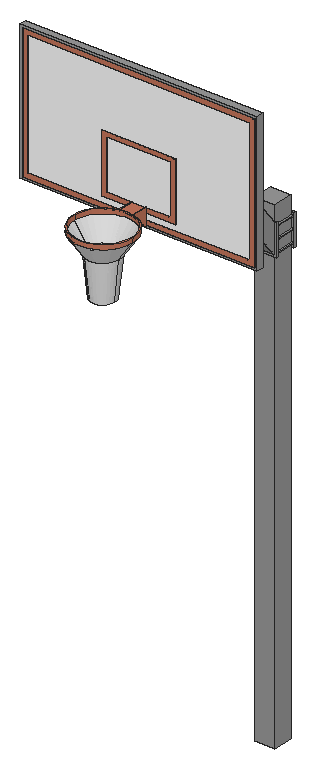
Revit family "Playground-System_Ultimate_Fixed-Height_BA873-74", category Generic Models, Revit 2018
Family settings
  Can host rebar = No
  Round Connector Dimension = Use Diameter
  Part Type = Normal
  OmniClass Number = 23.40.50.34.14
  OmniClass Title = Gymnasium Equipment
  Work Plane-Based = No
  Always vertical = Yes
  Cut with Voids When Loaded = No
  Shared = No
  Room Calculation Point = No
Parameters (values of type "BK873-BK")
  URL = "https://ipibybison.com/"
  Test Data = "http://www.ipibybison.com/ToolBox.php"
  Specification = "https://www.arcat.com/arcatcos/cos49/arc49571.html"
  Sales Information = "http://www.ipibybison.com/DealersPage.php"
  Revision = "R1_2018-09"
  Product Data = "http://www.arcat.com/arcatcos/cos38/arc38554.html"
  Post Height = 8' - 4"
  Post Square Width = 0' - 6"
  Post Material = Steel - Galvanized - Hot Dipped
  Padding = Padding - Black
  Model = "As Specified"
  Manufacturer Website = "http://www.ipibybison.com/"
  Manufacturer Phone - Toll Free = "888-438-5311"
  Manufacturer Phone = "888-438-5311"
  Manufacturer Fax = "888-438-5312"
  Manufacturer Address = "603 L St.   Lincoln, NE 68508"
  Manufacturer = "BRP by bison"
  Keynote = "11 66 00"
  Installation-Fabrication = "http://www.ipibybison.com/InstallersPage.php"
  Hoop Finish = Powder Coat - Playground Orange
  Hoop Elevation = 10' - 0"
  Green Building-LEED = "https://www.arcat.com/green/green_building.shtml"
  Embedding Depth = 4' - 0"
  Drawn By = "Sumex Design, Inc. / Robert S. Weygant, CSI, CDT, SCIP"
  Description = "IPI by Bison Gymnasium Equipment"
  Copyright = "©Arcat Inc."
  Construction Details = "https://www.arcat.com/downloads/38554-brpbis/bim/bison/BRP%20by%20bison"
  Category = ""
  Building Codes = "https://www.brpbybison.com/submittals.html"
  Basket Type = "BA32"
  Basket Netting = Finish - IPI by Bison - White Netting
  Backboard Length = 6' - 0"
  Backboard Height = 3' - 6"
  Backboard Finish = Powder Coat - White
  Backboard BA472PC = no
  Backboard BA42RG = yes
Types (3): name | Basket Type | Backboard Finish | Backboard BA472PC | Backboard BA42RG
  BA874-BK | "BA39U" | Steel - Galvanized - Perforated | yes | no
  BA873U-BK | "BA32" | Powder Coat - White | no | yes
  BK873-BK | "BA32" | Powder Coat - White | no | yes
Reference planes (in)
  plane 1 "Center (Front/Back)": y = 0
  plane 2 "Bottom": z = 0
  plane 3 "Center (Left/Right)": x = 0
  plane 4: x = -3
  plane 5: x = 3
  plane 6 "Back": y = 3
  plane 7: y = -3
  plane 8: y = -51
  plane 9: y = -48.75
  plane 10 "Left": x = -36
  plane 11 "Right": x = 36
  plane 12: z = 114.5
  plane 13: z = 120
  plane 14 "Top": z = 156.5
  plane 15: y = -51.0625
  plane 16: z = 116.75
  plane 17: y = -31.25
  plane 18: y = -33.25
  plane 19: z = -48
  plane 20: z = 100
  plane 21: z = 94.54174
  plane 22: z = 90.80259
  plane 23: z = 87.06343
  plane 24: x = -3.5
  plane 25: x = 3.5
  plane 26: x = -35.25
  plane 27: x = 35.25
  plane 28: z = 155.75
  plane 29: z = 115.25
Forms (in)
  Extrusion 1, solid, material "Steel - Galvanized - Hot Dipped" <- "Post Material"
    sketch origin (0, 0, 0) x (1, 0, 0) y (0, 0, 1)
      loop
        line (-36, 114.5) -> (36, 114.5) -> (36, 156.5) -> (-36, 156.5) -> (-36, 114.5)
      loop
        line (-35.25, 155.75) -> (-35.25, 115.25) -> (35.25, 115.25) -> (35.25, 155.75) -> (-35.25, 155.75)
    from 48.75 to 51
  Extrusion 2, solid, material "Powder Coat - Playground Orange" <- "Hoop Finish", visible <- "Backboard BA42RG"
    sketch origin (0, 0, 0) x (1, 0, 0) y (0, 0, 1)
      loop
        line (-11.25, 118.5) -> (-2.25, 118.5) -> (-2.25, 120) -> (-9.75, 120) -> (-9.75, 135) -> (9.75, 135) -> (9.75, 120) -> (2.25, 120) -> (2.25, 118.5) -> (11.25, 118.5) -> (11.25, 136.5) -> (-11.25, 136.5) -> (-11.25, 118.5)
      loop
        line (-35.25, 115.25) -> (-2.25, 115.25) -> (-2.25, 116.75) -> (-33.75, 116.75) -> (-33.75, 154.25) -> (33.75, 154.25) -> (33.75, 116.75) -> (2.25, 116.75) -> (2.25, 115.25) -> (35.25, 115.25) -> (35.25, 155.75) -> (-35.25, 155.75) -> (-35.25, 115.25)
    from 51 to 51.0625
  Extrusion 3, solid, material "Steel - Galvanized - Hot Dipped" <- "Post Material"
    sketch origin (0, 0, 0) x (0, 1, 0) y (0, 0, 1)
      loop
        line (-48.75, 114.5) -> (-25.24781, 114.5) -> (-28.37601, 118.5) -> (-48.75, 118.5) -> (-48.75, 114.5)
    from -2.25 to 2.25
  Extrusion 4, solid, material "Steel - Galvanized - Hot Dipped" <- "Post Material"
    sketch origin (0, 0, 0) x (1, 0, 0) y (0, 1, 0)
      loop
        line (-3, 3) -> (-3, -3) -> (3, -3) -> (3, 3) -> (-3, 3)
    from -48 to 100
  Extrusion 5, solid, material "Steel - Galvanized - Hot Dipped" <- "Post Material"
    sketch origin (0, 0, 0) x (0, 1, 0) y (0, 0, 1)
      loop
        line (-3, 95) -> (-48.75, 153.5) -> (-48.75, 144.55198) -> (-3, 86.05198) -> (-3, 95)
    from -3 to 3
  Extrusion 6, solid, material "Steel - Galvanized - Hot Dipped" <- "Post Material"
    sketch origin (0, 0, 0) x (0, 1, 0) y (0, 0, 1)
      loop
        line (-3, 95.55319) -> (-3.5, 95.55319) -> (-3.5, 86.05198) -> (-3, 86.05198) -> (-3, 95.55319)
      loop
        line (3, 95.55319) -> (3, 86.05198) -> (3.5, 86.05198) -> (3.5, 95.55319) -> (3, 95.55319)
    from -4 to 4
  Extrusion 7, solid, material "Steel - Galvanized - Hot Dipped" <- "Post Material"
    sketch origin (0, 0, 0) x (1, 0, 0) y (0, 0, 1)
      loop
        circle (-3.5, 94.54174) r 0.25
      loop
        circle (-3.5, 87.06343) r 0.25
      loop
        circle (-3.5, 90.80259) r 0.25
      loop
        circle (3.5, 94.54174) r 0.25
      loop
        circle (3.5, 87.06343) r 0.25
      loop
        circle (3.5, 90.80259) r 0.25
    from -3 to 3
  Extrusion 8, solid, material "Powder Coat - White" <- "Backboard Finish", visible <- "Backboard BA42RG"
    sketch origin (0, 0, 0) x (1, 0, 0) y (0, 0, 1)
      loop
        line (-35.25, 155.75) -> (-35.25, 115.25) -> (35.25, 115.25) -> (35.25, 155.75) -> (-35.25, 155.75)
    from 48.75 to 51
  Extrusion 9, solid, material "Powder Coat - White" <- "Backboard Finish", visible <- "Backboard BA472PC"
    sketch origin (0, 0, 0) x (1, 0, 0) y (0, 0, 1)
      loop
        line (-35.25, 155.75) -> (-35.25, 115.25) -> (-11.25, 115.25) -> (-11.25, 136.5) -> (11.25, 136.5) -> (11.25, 115.25) -> (35.25, 115.25) -> (35.25, 155.75) -> (-35.25, 155.75)
    from 48.75 to 51
  Extrusion 10, solid, material "Steel - Galvanized - Hot Dipped" <- "Post Material", visible <- "Backboard BA472PC"
    sketch origin (0, 0, 0) x (1, 0, 0) y (0, 0, 1)
      loop
        line (-11.25, 136.5) -> (-11.25, 115.25) -> (11.25, 115.25) -> (11.25, 136.5) -> (-11.25, 136.5)
    from 48.75 to 51
Dimensions and locks (in)
  equal spacing: plane 4, plane 3 "Center (Left/Right)", plane 5
  "Post Square Width": plane 4 to plane 5
  equal spacing: plane 6 "Back", plane 1 "Center (Front/Back)", plane 7
  "Post Square Width": plane 6 "Back" to plane 7
  locked: plane 8 to plane 7 at 48
  locked: plane 9 to plane 8 at 2.25
  equal spacing: plane 10 "Left", plane 3 "Center (Left/Right)", plane 11 "Right"
  "Backboard Length": plane 10 "Left" to plane 11 "Right"
  "Hoop Elevation": plane 13 to level
  locked: plane 13 to plane 12 at 5.5
  "Backboard Height": plane 14 "Top" to plane 12
  locked: plane 8 to plane 15 at 0.0625
  locked: plane 16 to plane 12 at 2.25
  locked: plane 17 to plane 18 at 2
  "Embedding Depth": level to plane 19
  "Post Height": plane 20 to level
  plane 20 to Extrusion 5 sketch curve to Extrusion 5 sketch curve = 0' - 5" locked, 0' - 8.94802" locked
  plane 14 "Top" to Extrusion 5 sketch curve to Extrusion 5 sketch curve = 0' - 3" locked, 0' - 8.94802" locked
  locked: plane 7 to Extrusion 6 sketch curve at 0.5
  plane 20 to Extrusion 6 sketch curve = 0' - 4.44681"
  locked: Extrusion 6 sketch curve to Extrusion 6 sketch curve at 9.50121  (x2)
  locked: Extrusion 6 sketch curve to plane 6 "Back" at 0.5
  equal spacing: Extrusion 6, plane 3 "Center (Left/Right)", Extrusion 6
  locked: Extrusion 6 to Extrusion 6 at 8
  locked: plane 4 to plane 24 at 0.5
  locked: plane 5 to plane 25 at 0.5
  locked: plane 20 to plane 21 at 5.45826
  equal spacing: plane 21, plane 22, plane 23
  locked: plane 21 to plane 23 at 7.47831
  locked: Extrusion 3 sketch curve to plane 17 at 6.00219
  locked: Extrusion 3 sketch curve to plane 17 at 2.87399
  locked: plane 26 to plane 10 "Left" at 0.75
  locked: plane 27 to plane 11 "Right" at 0.75
  locked: plane 14 "Top" to plane 28 at 0.75
  locked: plane 29 to plane 12 at 0.75
  locked: Extrusion 2 sketch curve to plane 26 at 1.5
  locked: plane 28 to Extrusion 2 sketch curve at 1.5
  locked: Extrusion 2 sketch curve to plane 27 at 1.5
  locked: Extrusion 2 sketch curve to plane 29 at 1.5  (x2)
  equal spacing: Extrusion 9 sketch curve, plane 3 "Center (Left/Right)", Extrusion 9 sketch curve
  locked: Extrusion 9 sketch curve to Extrusion 9 sketch curve at 22.5
  locked: Extrusion 9 sketch curve to plane 29 at 21.25
  equal spacing: Extrusion 10 sketch curve, plane 3 "Center (Left/Right)", Extrusion 10 sketch curve
  locked: Extrusion 10 sketch curve to Extrusion 10 sketch curve at 22.5
  locked: Extrusion 10 sketch curve to plane 29 at 21.25
  aligned and locked: plane 2 "Bottom" to level
  aligned and locked: Extrusion 1 to plane 8
  aligned and locked: plane 9 to Extrusion 1
  aligned and locked: plane 8 to Extrusion 2
  aligned and locked: Extrusion 2 to plane 15
  aligned and locked: plane 3 "Center (Left/Right)" to nested 1
  aligned and locked: plane 13 to nested 1
  aligned and locked: nested 1 to plane 8
  aligned and locked: plane 4 to Extrusion 4 sketch curve
  aligned and locked: plane 5 to Extrusion 4 sketch curve
  aligned and locked: Extrusion 4 sketch curve to plane 7
  aligned and locked: Extrusion 4 sketch curve to plane 6 "Back"
  aligned and locked: plane 20 to Extrusion 4
  aligned and locked: Extrusion 4 to plane 19
  aligned and locked: Extrusion 5 to plane 4
  aligned and locked: Extrusion 5 to plane 5
  aligned and locked: Extrusion 5 sketch curve to plane 9
  aligned and locked: Extrusion 5 sketch curve to plane 7
  aligned and locked: plane 9 to Extrusion 3 sketch curve
  aligned and locked: plane 12 to Extrusion 3 sketch curve
  aligned and locked: Extrusion 6 sketch curve to plane 7
  aligned and locked: plane 6 "Back" to Extrusion 6 sketch curve
  aligned and locked: plane 24 to Extrusion 7 sketch curve  (x3)
  aligned and locked: plane 25 to Extrusion 7 sketch curve  (x3)
  aligned and locked: plane 21 to Extrusion 7 sketch curve  (x2)
  aligned and locked: plane 22 to Extrusion 7 sketch curve  (x2)
  aligned and locked: plane 23 to Extrusion 7 sketch curve  (x2)
  aligned and locked: plane 6 "Back" to Extrusion 7
  aligned and locked: plane 7 to Extrusion 7
  aligned and locked: Extrusion 1 sketch curve to plane 10 "Left"
  aligned and locked: plane 11 "Right" to Extrusion 1 sketch curve
  aligned and locked: Extrusion 1 sketch curve to plane 14 "Top"
  aligned and locked: Extrusion 1 sketch curve to plane 12
  aligned and locked: plane 26 to Extrusion 1 sketch curve
  aligned and locked: plane 27 to Extrusion 1 sketch curve
  aligned and locked: Extrusion 1 sketch curve to plane 28
  aligned and locked: plane 29 to Extrusion 1 sketch curve
  aligned and locked: plane 26 to Extrusion 8 sketch curve
  aligned and locked: plane 27 to Extrusion 8 sketch curve
  aligned and locked: Extrusion 8 sketch curve to plane 28
  aligned and locked: plane 29 to Extrusion 8 sketch curve
  aligned and locked: plane 9 to Extrusion 8
  aligned and locked: Extrusion 8 to plane 8
  aligned and locked: plane 26 to Extrusion 2 sketch curve
  aligned and locked: Extrusion 2 sketch curve to plane 28
  aligned and locked: Extrusion 2 sketch curve to plane 29
  aligned and locked: Extrusion 2 sketch curve to plane 27
  aligned and locked: plane 26 to Extrusion 9 sketch curve
  aligned and locked: Extrusion 9 sketch curve to plane 28
  aligned and locked: plane 27 to Extrusion 9 sketch curve
  aligned and locked: plane 29 to Extrusion 9 sketch curve
  aligned and locked: plane 29 to Extrusion 10 sketch curve
  aligned and locked: plane 9 to Extrusion 10
  aligned and locked: Extrusion 10 to plane 8
  aligned and locked: Extrusion 9 to plane 8
  aligned and locked: plane 9 to Extrusion 9
Automatic sketch dimensions
  Extrusion 3 sketch curve to plane 13 = 0' - 1 1/2"
  Extrusion 6 sketch curve to Extrusion 6 sketch curve = 0' - 0"
  Extrusion 2 sketch curve to plane 13 = 0' - 0"  (x2)
  Extrusion 2 sketch curve to plane 29 = 0' - 0"
  Extrusion 2 sketch curve to plane 13 = 0' - 1 1/2"
  Extrusion 2 sketch curve to plane 24 = 0' - 7 3/4"
  Extrusion 2 sketch curve to Extrusion 2 sketch curve = 0' - 1 1/2"  (x4)
  plane 4 to Extrusion 2 sketch curve = 0' - 0 3/4"  (x2)
  plane 5 to Extrusion 2 sketch curve = 0' - 0 3/4"  (x2)
  plane 25 to Extrusion 2 sketch curve = 0' - 6 1/4"
  plane 13 to Extrusion 2 sketch curve = 1' - 3"
  Extrusion 9 sketch curve to plane 29 = 0' - 0"
  radius of Extrusion 7 sketch curve = 0' - 0 1/4"  (x6)
Nested families (in)
  nested 1: "Playground-System_Heavy-Duty-4_1-2in_PR52_Basket" at (0, -51, 120), Frame <- "Hoop Finish", Netting <- "Basket Netting", type "Playground-System_Heavy-Duty-4_1-2in_PR52_Basket"
    with Netting Finish - IPI by Bison - White Netting, Frame Powder Coat - Playground Orange
Definition of nested family "Playground-System_Heavy-Duty-4_1-2in_PR52_Basket"
  Parameters (values of type "Playground-System_Heavy-Duty-4_1-2in_PR52_Basket")
    Netting [instance] = none
    Frame [instance] = none
  Reference planes (in)
    plane 1 "Center (Front/Back)": y = 0
    plane 2: z = 0
    plane 3 "Center (Left/Right)": x = 0
    plane 4 "Net": y = -13.5
    plane 5: x = -2.25
    plane 6: x = 2.25
  Forms (in)
    Extrusion 1, solid, material <- "Frame"
      sketch origin (0, 0, 0) x (1, 0, 0) y (0, 1, 0)
        loop
          circle (0, -13.5) r 9
        loop
          circle (0, -13.5) r 8.75
      from -1.38229 to 0
    Extrusion 2, solid, material <- "Frame"
      sketch origin (0, 0, 0) x (0, 1, 0) y (0, 0, 1)
        loop
          line (0, 0) -> (-4.75, 0) -> (-4.75, -1.1813) -> (0, -5.25) -> (0, 0)
      from -2.25 to -2.06458
    Extrusion 3, solid, material <- "Frame"
      sketch origin (0, 0, 0) x (0, 1, 0) y (0, 0, -1)
        loop
          line (0, 0) -> (0, 5.25) -> (-4.75, 1.1813) -> (-4.75, 0) -> (0, 0)
      from -2.25 to -2.06458
    Extrusion 4, solid, material <- "Frame"
      sketch origin (0, 0, 0) x (0, 1, 0) y (0, 0, 1)
        loop
          line (-4.75, 0) -> (-4.75, -0.25) -> (-0.25, -0.25) -> (-0.25, -5.03586) -> (0, -5.25) -> (0, 0) -> (-4.75, 0)
      from -2.06458 to 2.06458
    Revolve 5, solid, material <- "Netting"
      sketch origin (0, -13.5, 0) x (-1, 0, 0) y (0, 0, 1)
        loop
          line (9, -1.38229) -> (8.8474, -1.38229) -> (4.72063, -7.27592) -> (3.4482, -19.38229) -> (3.57389, -19.38229) -> (4.84157, -7.32114) -> (9, -1.38229)
        axis (0, -1.38229) -> (0, -19.38229)
      angle from 0 to 360
  Dimensions and locks (in)
    locked: level to Extrusion 1 at 1.38229
    locked: plane 4 "Net" to plane 1 "Center (Front/Back)" at 13.5
    equal spacing: plane 6, plane 3 "Center (Left/Right)", plane 5
    locked: plane 6 to plane 5 at 4.5
    aligned and locked: plane 2 to level
    aligned and locked: level to Extrusion 1
  Automatic sketch dimensions
    Extrusion 1 sketch curve to Extrusion 1 sketch curve = 0' - 0"  (x2)
    Extrusion 1 sketch curve to plane 3 "Center (Left/Right)" = 0' - 0"
    Extrusion 1 sketch curve to plane 4 "Net" = 0' - 0"
    Revolve 5 sketch curve to plane 3 "Center (Left/Right)" = 0' - 0"
    Revolve 5 sketch curve to plane 5 = 0' - 1.1982"
    Revolve 5 sketch curve to Revolve 5 sketch curve = 0' - 0.12569"
    Revolve 5 sketch curve to plane 5 = 0' - 2.47063"
    Revolve 5 sketch curve to Revolve 5 sketch curve = 0' - 0.12094"
    Revolve 5 sketch curve to level = 0' - 1.38229"  (x2)
    Revolve 5 sketch curve to plane 5 = 0' - 6.5974"
    Revolve 5 sketch curve to Revolve 5 sketch curve = 0' - 0.1526"
    Revolve 5 sketch curve to Revolve 5 sketch curve = 0' - 0.04522"
    Revolve 5 sketch curve to Revolve 5 sketch curve = 1' - 0.06115"
    Revolve 5 sketch curve to Revolve 5 sketch curve = 0' - 1"
    Revolve 5 sketch curve to Revolve 5 sketch curve = 0' - 5.89364"
    Extrusion 2 sketch curve to level = 0' - 0"
    Extrusion 2 sketch curve to plane 1 "Center (Front/Back)" = 0' - 0"
    Extrusion 2 sketch curve to level = 0' - 1.1813"
    plane 1 "Center (Front/Back)" to Extrusion 2 sketch curve = 0' - 4 3/4"
    Extrusion 2 sketch curve to level = 0' - 5 1/4"
    Extrusion 3 sketch curve to level = 0' - 0"
    Extrusion 3 sketch curve to plane 1 "Center (Front/Back)" = 0' - 0"
    Extrusion 3 sketch curve to level = 0' - 1.1813"
    plane 1 "Center (Front/Back)" to Extrusion 3 sketch curve = 0' - 4 3/4"
    Extrusion 3 sketch curve to level = 0' - 5 1/4"
    Extrusion 4 sketch curve to level = 0' - 0"
    Extrusion 4 sketch curve to plane 1 "Center (Front/Back)" = 0' - 0"
    plane 1 "Center (Front/Back)" to Extrusion 4 sketch curve = 0' - 0 1/4"
    Extrusion 4 sketch curve to level = 0' - 0 1/4"
    Extrusion 4 sketch curve to Extrusion 4 sketch curve = 0' - 4 1/2"
    Extrusion 4 sketch curve to Extrusion 4 sketch curve = 0' - 4.78586"
    Extrusion 4 sketch curve to Extrusion 4 sketch curve = 0' - 0.21414"
    radius of Extrusion 1 sketch curve = 0' - 9"
    radius of Extrusion 1 sketch curve = 0' - 8 3/4"
